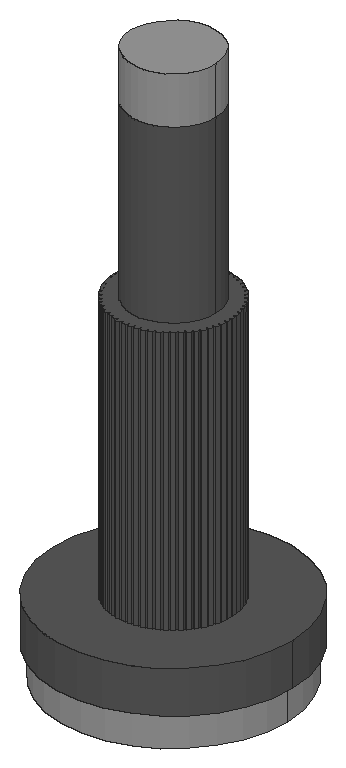
Revit family "ALMA-Wilma_Linear_Door_Wall_Stop", category Specialty Equipment, host Face, Revit 2026
Family settings
  Host = Face
  Round Connector Dimension = Use Diameter
  Part Type = Normal
  Enable Cutting in Views = Yes
  Cut with Voids When Loaded = No
  Maintain Annotation Orientation = No
  Shared = No
  Room Calculation Point = No
Parameters (values of type "MATTE BLACK")
  WallAnchor_Material = Stainless Steel_Wall Anchor
  RubberBuffer_Material = Rubber_Buffer
  DoorStop_Material = BM_MATTE BLACK
  Default Elevation = 0 mm
Types (7, lengths in mm): name | DoorStop_Material
  (no name) | BM_MATTE BLACK
  BRUSHED ANTIQUE BRASS | BM_ANTIQUE BRASS
  BRUSHED BRASS GOLD | BM_BRASS GOLD
  BRUSHED NICKEL | BM_NICKEL
  BRUSHED GUNMETAL | BM_GUNMETAL
  CHROME | BM_CHROME
  MATTE BLACK | BM_MATTE BLACK
Reference planes
  plane 1 "Center (Front/Back)": y = 0
  plane 2: z = 0
  plane 3 "Center (Left/Right)": x = 0
  plane 4: z = 0
  plane 5: z = 100
  plane 6: z = 10
  plane 7: x = -22.5
  plane 8: x = 22.5
  plane 9: y = 22.5
  plane 10: y = -22.5
Forms (mm)
  Extrusion 1, solid, material "BM_MATTE BLACK" <- "DoorStop_Material"
    sketch origin (0, 0, 0) x (1, 0, 0) y (0, 1, 0)
      loop
        circle (0, 0) r 22.5
    from 0 to 8
  Extrusion 2, solid, material "Stainless Steel_Wall Anchor" <- "WallAnchor_Material"
    sketch origin (0, 0, 0) x (1, 0, 0) y (0, 1, 0)
      loop
        circle (0, 0) r 21.5
    from 0 to -6
  Extrusion 3, solid, material "BM_MATTE BLACK" <- "DoorStop_Material"
    sketch origin (0, 0, 8) x (1, 0, 0) y (0, 1, 0)
      loop
        circle (0, 0) r 11
    from -8 to 50
  Extrusion 4, solid, material "BM_MATTE BLACK" <- "DoorStop_Material"
    sketch origin (0, 0, 58) x (1, 0, 0) y (0, 1, 0)
      loop
        circle (0, 0) r 8
    from 0 to 33
  Extrusion 5, solid, material "Rubber_Buffer" <- "RubberBuffer_Material"
    sketch origin (0, 0, 91) x (1, 0, 0) y (0, 1, 0)
      loop
        circle (0, 0) r 8
    from 0 to 9
  Extrusion 6, void
    sketch origin (0, 0, 0) x (1, 0, 0) y (0, 1, 0)
      loop
        circle (0, 0) r 21.5
    from 0 to 7.041
  Extrusion 7, void
    sketch origin (0, 0, 0) x (1, 0, 0) y (0, 1, 0)
      loop
        line (0, 10.556) -> (0.491, 11.562) -> (-0.491, 11.562) -> (0, 10.556)
    from 8 to 58
  Extrusion 8, void
    sketch origin (0, 0, 0) x (0.994522, 0.104528, 0) y (-0.104528, 0.994522, 0)
      loop
        line (0, 10.556) -> (0.491, 11.562) -> (-0.491, 11.562) -> (0, 10.556)
    from 8 to 58
  Extrusion 9, void
    sketch origin (0, 0, 0) x (0.994522, -0.104528, 0) y (0.104528, 0.994522, 0)
      loop
        line (0, 10.556) -> (0.491, 11.562) -> (-0.491, 11.562) -> (0, 10.556)
    from 8 to 58
  Extrusion 10, void
    sketch origin (0, 0, 0) x (0.978148, -0.207912, 0) y (0.207912, 0.978148, 0)
      loop
        line (0, 10.556) -> (0.491, 11.562) -> (-0.491, 11.562) -> (0, 10.556)
    from 8 to 58
  Extrusion 11, void
    sketch origin (0, 0, 0) x (0.951057, -0.309017, 0) y (0.309017, 0.951057, 0)
      loop
        line (0, 10.556) -> (0.491, 11.562) -> (-0.491, 11.562) -> (0, 10.556)
    from 8 to 58
  Extrusion 12, void
    sketch origin (0, 0, 0) x (0.913545, -0.406737, 0) y (0.406737, 0.913545, 0)
      loop
        line (0, 10.556) -> (0.491, 11.562) -> (-0.491, 11.562) -> (0, 10.556)
    from 8 to 58
  Extrusion 13, void
    sketch origin (0, 0, 0) x (0.866025, -0.5, 0) y (0.5, 0.866025, 0)
      loop
        line (0, 10.556) -> (0.491, 11.562) -> (-0.491, 11.562) -> (0, 10.556)
    from 8 to 58
  Extrusion 14, void
    sketch origin (0, 0, 0) x (0.809017, -0.587785, 0) y (0.587785, 0.809017, 0)
      loop
        line (0, 10.556) -> (0.491, 11.562) -> (-0.491, 11.562) -> (0, 10.556)
    from 8 to 58
  Extrusion 15, void
    sketch origin (0, 0, 0) x (0.743145, -0.669131, 0) y (0.669131, 0.743145, 0)
      loop
        line (0, 10.556) -> (0.491, 11.562) -> (-0.491, 11.562) -> (0, 10.556)
    from 8 to 58
  Extrusion 16, void
    sketch origin (0, 0, 0) x (0.669131, -0.743145, 0) y (0.743145, 0.669131, 0)
      loop
        line (0, 10.556) -> (0.491, 11.562) -> (-0.491, 11.562) -> (0, 10.556)
    from 8 to 58
  Extrusion 17, void
    sketch origin (0, 0, 0) x (0.587785, -0.809017, 0) y (0.809017, 0.587785, 0)
      loop
        line (0, 10.556) -> (0.491, 11.562) -> (-0.491, 11.562) -> (0, 10.556)
    from 8 to 58
  Extrusion 18, void
    sketch origin (0, 0, 0) x (0.5, -0.866025, 0) y (0.866025, 0.5, 0)
      loop
        line (0, 10.556) -> (0.491, 11.562) -> (-0.491, 11.562) -> (0, 10.556)
    from 8 to 58
  Extrusion 19, void
    sketch origin (0, 0, 0) x (0.406737, -0.913545, 0) y (0.913545, 0.406737, 0)
      loop
        line (0, 10.556) -> (0.491, 11.562) -> (-0.491, 11.562) -> (0, 10.556)
    from 8 to 58
  Extrusion 20, void
    sketch origin (0, 0, 0) x (0.309017, -0.951057, 0) y (0.951057, 0.309017, 0)
      loop
        line (0, 10.556) -> (0.491, 11.562) -> (-0.491, 11.562) -> (0, 10.556)
    from 8 to 58
  Extrusion 21, void
    sketch origin (0, 0, 0) x (0.207912, -0.978148, 0) y (0.978148, 0.207912, 0)
      loop
        line (0, 10.556) -> (0.491, 11.562) -> (-0.491, 11.562) -> (0, 10.556)
    from 8 to 58
  Extrusion 22, void
    sketch origin (0, 0, 0) x (0.104528, -0.994522, 0) y (0.994522, 0.104528, 0)
      loop
        line (0, 10.556) -> (0.491, 11.562) -> (-0.491, 11.562) -> (0, 10.556)
    from 8 to 58
  Extrusion 23, void
    sketch origin (0, 0, 0) x (0, -1, 0) y (1, 0, 0)
      loop
        line (0, 10.556) -> (0.491, 11.562) -> (-0.491, 11.562) -> (0, 10.556)
    from 8 to 58
  Extrusion 24, void
    sketch origin (0, 0, 0) x (-0.104528, -0.994522, 0) y (0.994522, -0.104528, 0)
      loop
        line (0, 10.556) -> (0.491, 11.562) -> (-0.491, 11.562) -> (0, 10.556)
    from 8 to 58
  Extrusion 25, void
    sketch origin (0, 0, 0) x (-0.207912, -0.978148, 0) y (0.978148, -0.207912, 0)
      loop
        line (0, 10.556) -> (0.491, 11.562) -> (-0.491, 11.562) -> (0, 10.556)
    from 8 to 58
  Extrusion 26, void
    sketch origin (0, 0, 0) x (-0.309017, -0.951057, 0) y (0.951057, -0.309017, 0)
      loop
        line (0, 10.556) -> (0.491, 11.562) -> (-0.491, 11.562) -> (0, 10.556)
    from 8 to 58
  Extrusion 27, void
    sketch origin (0, 0, 0) x (-0.406737, -0.913545, 0) y (0.913545, -0.406737, 0)
      loop
        line (0, 10.556) -> (0.491, 11.562) -> (-0.491, 11.562) -> (0, 10.556)
    from 8 to 58
  Extrusion 28, void
    sketch origin (0, 0, 0) x (-0.5, -0.866025, 0) y (0.866025, -0.5, 0)
      loop
        line (0, 10.556) -> (0.491, 11.562) -> (-0.491, 11.562) -> (0, 10.556)
    from 8 to 58
  Extrusion 29, void
    sketch origin (0, 0, 0) x (-0.587785, -0.809017, 0) y (0.809017, -0.587785, 0)
      loop
        line (0, 10.556) -> (0.491, 11.562) -> (-0.491, 11.562) -> (0, 10.556)
    from 8 to 58
  Extrusion 30, void
    sketch origin (0, 0, 0) x (-0.669131, -0.743145, 0) y (0.743145, -0.669131, 0)
      loop
        line (0, 10.556) -> (0.491, 11.562) -> (-0.491, 11.562) -> (0, 10.556)
    from 8 to 58
  Extrusion 31, void
    sketch origin (0, 0, 0) x (-0.743145, -0.669131, 0) y (0.669131, -0.743145, 0)
      loop
        line (0, 10.556) -> (0.491, 11.562) -> (-0.491, 11.562) -> (0, 10.556)
    from 8 to 58
  Extrusion 32, void
    sketch origin (0, 0, 0) x (-0.809017, -0.587785, 0) y (0.587785, -0.809017, 0)
      loop
        line (0, 10.556) -> (0.491, 11.562) -> (-0.491, 11.562) -> (0, 10.556)
    from 8 to 58
  Extrusion 33, void
    sketch origin (0, 0, 0) x (-0.866025, -0.5, 0) y (0.5, -0.866025, 0)
      loop
        line (0, 10.556) -> (0.491, 11.562) -> (-0.491, 11.562) -> (0, 10.556)
    from 8 to 58
  Extrusion 34, void
    sketch origin (0, 0, 0) x (-0.913545, -0.406737, 0) y (0.406737, -0.913545, 0)
      loop
        line (0, 10.556) -> (0.491, 11.562) -> (-0.491, 11.562) -> (0, 10.556)
    from 8 to 58
  Extrusion 35, void
    sketch origin (0, 0, 0) x (-0.951057, -0.309017, 0) y (0.309017, -0.951057, 0)
      loop
        line (0, 10.556) -> (0.491, 11.562) -> (-0.491, 11.562) -> (0, 10.556)
    from 8 to 58
  Extrusion 36, void
    sketch origin (0, 0, 0) x (-0.978148, -0.207912, 0) y (0.207912, -0.978148, 0)
      loop
        line (0, 10.556) -> (0.491, 11.562) -> (-0.491, 11.562) -> (0, 10.556)
    from 8 to 58
  Extrusion 37, void
    sketch origin (0, 0, 0) x (-0.994522, -0.104528, 0) y (0.104528, -0.994522, 0)
      loop
        line (0, 10.556) -> (0.491, 11.562) -> (-0.491, 11.562) -> (0, 10.556)
    from 8 to 58
  Extrusion 38, void
    sketch origin (0, 0, 0) x (-1, 0, 0) y (0, -1, 0)
      loop
        line (0, 10.556) -> (0.491, 11.562) -> (-0.491, 11.562) -> (0, 10.556)
    from 8 to 58
  Extrusion 39, void
    sketch origin (0, 0, 0) x (-0.994522, 0.104528, 0) y (-0.104528, -0.994522, 0)
      loop
        line (0, 10.556) -> (0.491, 11.562) -> (-0.491, 11.562) -> (0, 10.556)
    from 8 to 58
  Extrusion 40, void
    sketch origin (0, 0, 0) x (-0.978148, 0.207912, 0) y (-0.207912, -0.978148, 0)
      loop
        line (0, 10.556) -> (0.491, 11.562) -> (-0.491, 11.562) -> (0, 10.556)
    from 8 to 58
  Extrusion 41, void
    sketch origin (0, 0, 0) x (-0.951057, 0.309017, 0) y (-0.309017, -0.951057, 0)
      loop
        line (0, 10.556) -> (0.491, 11.562) -> (-0.491, 11.562) -> (0, 10.556)
    from 8 to 58
  Extrusion 42, void
    sketch origin (0, 0, 0) x (-0.913545, 0.406737, 0) y (-0.406737, -0.913545, 0)
      loop
        line (0, 10.556) -> (0.491, 11.562) -> (-0.491, 11.562) -> (0, 10.556)
    from 8 to 58
  Extrusion 43, void
    sketch origin (0, 0, 0) x (-0.866025, 0.5, 0) y (-0.5, -0.866025, 0)
      loop
        line (0, 10.556) -> (0.491, 11.562) -> (-0.491, 11.562) -> (0, 10.556)
    from 8 to 58
  Extrusion 44, void
    sketch origin (0, 0, 0) x (-0.809017, 0.587785, 0) y (-0.587785, -0.809017, 0)
      loop
        line (0, 10.556) -> (0.491, 11.562) -> (-0.491, 11.562) -> (0, 10.556)
    from 8 to 58
  Extrusion 45, void
    sketch origin (0, 0, 0) x (-0.743145, 0.669131, 0) y (-0.669131, -0.743145, 0)
      loop
        line (0, 10.556) -> (0.491, 11.562) -> (-0.491, 11.562) -> (0, 10.556)
    from 8 to 58
  Extrusion 46, void
    sketch origin (0, 0, 0) x (-0.669131, 0.743145, 0) y (-0.743145, -0.669131, 0)
      loop
        line (0, 10.556) -> (0.491, 11.562) -> (-0.491, 11.562) -> (0, 10.556)
    from 8 to 58
  Extrusion 47, void
    sketch origin (0, 0, 0) x (-0.587785, 0.809017, 0) y (-0.809017, -0.587785, 0)
      loop
        line (0, 10.556) -> (0.491, 11.562) -> (-0.491, 11.562) -> (0, 10.556)
    from 8 to 58
  Extrusion 48, void
    sketch origin (0, 0, 0) x (-0.5, 0.866025, 0) y (-0.866025, -0.5, 0)
      loop
        line (0, 10.556) -> (0.491, 11.562) -> (-0.491, 11.562) -> (0, 10.556)
    from 8 to 58
  Extrusion 49, void
    sketch origin (0, 0, 0) x (-0.406737, 0.913545, 0) y (-0.913545, -0.406737, 0)
      loop
        line (0, 10.556) -> (0.491, 11.562) -> (-0.491, 11.562) -> (0, 10.556)
    from 8 to 58
  Extrusion 50, void
    sketch origin (0, 0, 0) x (-0.309017, 0.951057, 0) y (-0.951057, -0.309017, 0)
      loop
        line (0, 10.556) -> (0.491, 11.562) -> (-0.491, 11.562) -> (0, 10.556)
    from 8 to 58
  Extrusion 51, void
    sketch origin (0, 0, 0) x (-0.207912, 0.978148, 0) y (-0.978148, -0.207912, 0)
      loop
        line (0, 10.556) -> (0.491, 11.562) -> (-0.491, 11.562) -> (0, 10.556)
    from 8 to 58
  Extrusion 52, void
    sketch origin (0, 0, 0) x (-0.104528, 0.994522, 0) y (-0.994522, -0.104528, 0)
      loop
        line (0, 10.556) -> (0.491, 11.562) -> (-0.491, 11.562) -> (0, 10.556)
    from 8 to 58
  Extrusion 53, void
    sketch origin (0, 0, 0) x (0, 1, 0) y (-1, 0, 0)
      loop
        line (0, 10.556) -> (0.491, 11.562) -> (-0.491, 11.562) -> (0, 10.556)
    from 8 to 58
  Extrusion 54, void
    sketch origin (0, 0, 0) x (0.104528, 0.994522, 0) y (-0.994522, 0.104528, 0)
      loop
        line (0, 10.556) -> (0.491, 11.562) -> (-0.491, 11.562) -> (0, 10.556)
    from 8 to 58
  Extrusion 55, void
    sketch origin (0, 0, 0) x (0.207912, 0.978148, 0) y (-0.978148, 0.207912, 0)
      loop
        line (0, 10.556) -> (0.491, 11.562) -> (-0.491, 11.562) -> (0, 10.556)
    from 8 to 58
  Extrusion 56, void
    sketch origin (0, 0, 0) x (0.309017, 0.951057, 0) y (-0.951057, 0.309017, 0)
      loop
        line (0, 10.556) -> (0.491, 11.562) -> (-0.491, 11.562) -> (0, 10.556)
    from 8 to 58
  Extrusion 57, void
    sketch origin (0, 0, 0) x (0.406737, 0.913545, 0) y (-0.913545, 0.406737, 0)
      loop
        line (0, 10.556) -> (0.491, 11.562) -> (-0.491, 11.562) -> (0, 10.556)
    from 8 to 58
  Extrusion 58, void
    sketch origin (0, 0, 0) x (0.5, 0.866025, 0) y (-0.866025, 0.5, 0)
      loop
        line (0, 10.556) -> (0.491, 11.562) -> (-0.491, 11.562) -> (0, 10.556)
    from 8 to 58
  Extrusion 59, void
    sketch origin (0, 0, 0) x (0.587785, 0.809017, 0) y (-0.809017, 0.587785, 0)
      loop
        line (0, 10.556) -> (0.491, 11.562) -> (-0.491, 11.562) -> (0, 10.556)
    from 8 to 58
  Extrusion 60, void
    sketch origin (0, 0, 0) x (0.669131, 0.743145, 0) y (-0.743145, 0.669131, 0)
      loop
        line (0, 10.556) -> (0.491, 11.562) -> (-0.491, 11.562) -> (0, 10.556)
    from 8 to 58
  Extrusion 61, void
    sketch origin (0, 0, 0) x (0.743145, 0.669131, 0) y (-0.669131, 0.743145, 0)
      loop
        line (0, 10.556) -> (0.491, 11.562) -> (-0.491, 11.562) -> (0, 10.556)
    from 8 to 58
  Extrusion 62, void
    sketch origin (0, 0, 0) x (0.809017, 0.587785, 0) y (-0.587785, 0.809017, 0)
      loop
        line (0, 10.556) -> (0.491, 11.562) -> (-0.491, 11.562) -> (0, 10.556)
    from 8 to 58
  Extrusion 63, void
    sketch origin (0, 0, 0) x (0.866025, 0.5, 0) y (-0.5, 0.866025, 0)
      loop
        line (0, 10.556) -> (0.491, 11.562) -> (-0.491, 11.562) -> (0, 10.556)
    from 8 to 58
  Extrusion 64, void
    sketch origin (0, 0, 0) x (0.913545, 0.406737, 0) y (-0.406737, 0.913545, 0)
      loop
        line (0, 10.556) -> (0.491, 11.562) -> (-0.491, 11.562) -> (0, 10.556)
    from 8 to 58
  Extrusion 65, void
    sketch origin (0, 0, 0) x (0.951057, 0.309017, 0) y (-0.309017, 0.951057, 0)
      loop
        line (0, 10.556) -> (0.491, 11.562) -> (-0.491, 11.562) -> (0, 10.556)
    from 8 to 58
  Extrusion 66, void
    sketch origin (0, 0, 0) x (0.978148, 0.207912, 0) y (-0.207912, 0.978148, 0)
      loop
        line (0, 10.556) -> (0.491, 11.562) -> (-0.491, 11.562) -> (0, 10.556)
    from 8 to 58
Cuts and joins
  Extrusion 6, Extrusion 7, Extrusion 8, Extrusion 9, Extrusion 10, Extrusion 11, Extrusion 12, Extrusion 13, Extrusion 14, Extrusion 15, Extrusion 16, Extrusion 17, Extrusion 18, Extrusion 19, Extrusion 20, Extrusion 21, Extrusion 22, Extrusion 23, Extrusion 24, Extrusion 25, Extrusion 26, Extrusion 27, Extrusion 28, Extrusion 29, Extrusion 30, Extrusion 31, Extrusion 32, Extrusion 33, Extrusion 34, Extrusion 35, Extrusion 36, Extrusion 37, Extrusion 38, Extrusion 39, Extrusion 40, Extrusion 41, Extrusion 42, Extrusion 43, Extrusion 44, Extrusion 45, Extrusion 46, Extrusion 47, Extrusion 48, Extrusion 49, Extrusion 50, Extrusion 51, Extrusion 52, Extrusion 53, Extrusion 54, Extrusion 55, Extrusion 56, Extrusion 57, Extrusion 58, Extrusion 59, Extrusion 60, Extrusion 61, Extrusion 62, Extrusion 63, Extrusion 64, Extrusion 65, Extrusion 66 cuts Extrusion 1
  Extrusion 6, Extrusion 7, Extrusion 8, Extrusion 9, Extrusion 10, Extrusion 11, Extrusion 12, Extrusion 13, Extrusion 14, Extrusion 15, Extrusion 16, Extrusion 17, Extrusion 18, Extrusion 19, Extrusion 20, Extrusion 21, Extrusion 22, Extrusion 23, Extrusion 24, Extrusion 25, Extrusion 26, Extrusion 27, Extrusion 28, Extrusion 29, Extrusion 30, Extrusion 31, Extrusion 32, Extrusion 33, Extrusion 34, Extrusion 35, Extrusion 36, Extrusion 37, Extrusion 38, Extrusion 39, Extrusion 40, Extrusion 41, Extrusion 42, Extrusion 43, Extrusion 44, Extrusion 45, Extrusion 46, Extrusion 47, Extrusion 48, Extrusion 49, Extrusion 50, Extrusion 51, Extrusion 52, Extrusion 53, Extrusion 54, Extrusion 55, Extrusion 56, Extrusion 57, Extrusion 58, Extrusion 59, Extrusion 60, Extrusion 61, Extrusion 62, Extrusion 63, Extrusion 64, Extrusion 65, Extrusion 66 cuts Extrusion 3
  joined: Extrusion 1, Extrusion 3
  Extrusion 6, Extrusion 7 cuts Extrusion 2
  Extrusion 6 cuts Extrusion 4
Lines and regions (mm)
  symbolic lines
    curve 1: line (0, 25, 0) -> (0, -25.948, 0)
    curve 2: line (-26.657, 0, 0) -> (27.028, 0, 0)
Text (mm)
  text "Refer to www.buildmat.com.au for the most current product literature. \nAllow a +/- 5mm tolerance for dimensions shown in the product literature. \nPlease note product details are subject to change due to ongoing product development." at (-21.589, -97.156, 0), in view "Ref. Level"
Dimensions and locks
  aligned and locked: plane 2 to host face
  aligned and locked: level to host face
